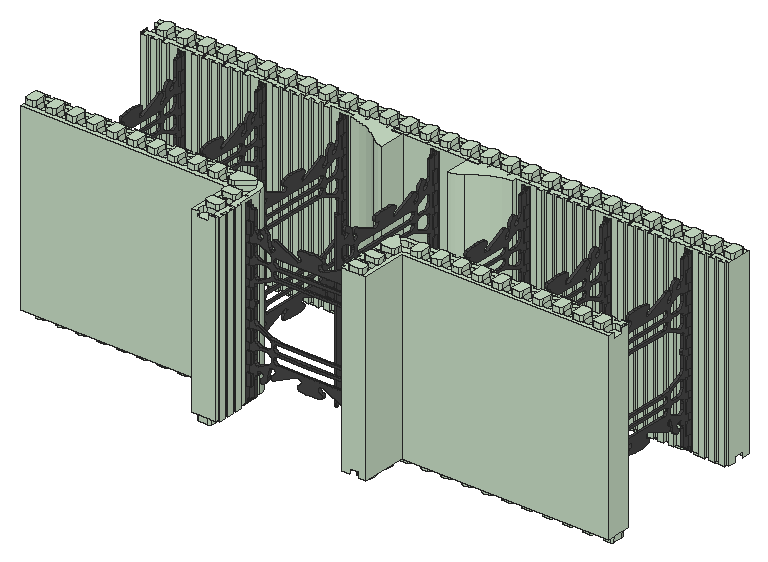
Revit family (continued)
Forms (in)
  Extrusion 95, void
    sketch origin (-11.99998, -0.00002, 0) x (0, -1, 0) y (1, 0, 0)
      loop
        arc (-4.89808, 25.99998) -> (-5.04517, 25.95213) -> (-5.13595, 25.8269) r 0.25
        arc (-5.13595, 25.8269) -> (-5.1875, 25.49998) -> (-5.13595, 25.17306) r 1.0625
    from 0 to 0.5
  Extrusion 96, void
    sketch origin (-9.99998, -0.00002, 0) x (0, -1, 0) y (1, 0, 0)
      loop
        arc (-5.13595, 25.17306) -> (-5.04517, 25.04783) -> (-4.89808, 24.99998) r 0.25
        line (-4.89808, 24.99998) -> (-3.97692, 24.99998)
        arc (-3.97692, 24.99998) -> (-3.82983, 25.04783) -> (-3.73905, 25.17306) r 0.25
        arc (-3.73905, 25.17306) -> (-3.69045, 25.4209) -> (-3.70172, 25.67321) r 1.0625
        arc (-3.70172, 25.67321) -> (-3.68771, 25.72383) -> (-3.64005, 25.7459) r 0.0625
        line (-3.64005, 25.7459) -> (-3.41845, 25.7459) -> (-3.41845, 25.91673) -> (-3.76455, 25.91673)
        arc (-3.76455, 25.91673) -> (-3.78736, 25.92104) -> (-3.80702, 25.93338) r 0.0625
        arc (-3.80702, 25.93338) -> (-3.88568, 25.98274) -> (-3.97692, 25.99998) r 0.25
        line (-3.97692, 25.99998) -> (-4.89808, 25.99998)
        arc (-4.89808, 25.99998) -> (-5.04517, 25.95213) -> (-5.13595, 25.8269) r 0.25
        arc (-5.13595, 25.8269) -> (-5.1875, 25.49998) -> (-5.13595, 25.17306) r 1.0625
    from 0 to 0.5
  Extrusion 97, void
    sketch origin (-7.99998, -0.00002, 0) x (0, -1, 0) y (1, 0, 0)
      loop
        arc (-5.13595, 25.17306) -> (-5.04517, 25.04783) -> (-4.89808, 24.99998) r 0.25
        line (-4.89808, 24.99998) -> (-3.97692, 24.99998)
        arc (-3.97692, 24.99998) -> (-3.82983, 25.04783) -> (-3.73905, 25.17306) r 0.25
        arc (-3.73905, 25.17306) -> (-3.69045, 25.4209) -> (-3.70172, 25.67321) r 1.0625
        arc (-3.70172, 25.67321) -> (-3.68771, 25.72383) -> (-3.64005, 25.7459) r 0.0625
        line (-3.64005, 25.7459) -> (-3.41845, 25.7459) -> (-3.41845, 25.91673) -> (-3.76455, 25.91673)
        arc (-3.76455, 25.91673) -> (-3.78736, 25.92104) -> (-3.80702, 25.93338) r 0.0625
        arc (-3.80702, 25.93338) -> (-3.88568, 25.98274) -> (-3.97692, 25.99998) r 0.25
        line (-3.97692, 25.99998) -> (-4.89808, 25.99998)
        arc (-4.89808, 25.99998) -> (-5.04517, 25.95213) -> (-5.13595, 25.8269) r 0.25
        arc (-5.13595, 25.8269) -> (-5.1875, 25.49998) -> (-5.13595, 25.17306) r 1.0625
    from 0 to 0.5
  Extrusion 98, void
    sketch origin (-5.99998, -0.00002, 0) x (0, -1, 0) y (1, 0, 0)
      loop
        arc (-5.13595, 25.17306) -> (-5.04517, 25.04783) -> (-4.89808, 24.99998) r 0.25
        line (-4.89808, 24.99998) -> (-3.97692, 24.99998)
        arc (-3.97692, 24.99998) -> (-3.82983, 25.04783) -> (-3.73905, 25.17306) r 0.25
        arc (-3.73905, 25.17306) -> (-3.69045, 25.4209) -> (-3.70172, 25.67321) r 1.0625
        arc (-3.70172, 25.67321) -> (-3.68771, 25.72383) -> (-3.64005, 25.7459) r 0.0625
        line (-3.64005, 25.7459) -> (-3.41845, 25.7459) -> (-3.41845, 25.91673) -> (-3.76455, 25.91673)
        arc (-3.76455, 25.91673) -> (-3.78736, 25.92104) -> (-3.80702, 25.93338) r 0.0625
        arc (-3.80702, 25.93338) -> (-3.88568, 25.98274) -> (-3.97692, 25.99998) r 0.25
        line (-3.97692, 25.99998) -> (-4.89808, 25.99998)
        arc (-4.89808, 25.99998) -> (-5.04517, 25.95213) -> (-5.13595, 25.8269) r 0.25
        arc (-5.13595, 25.8269) -> (-5.1875, 25.49998) -> (-5.13595, 25.17306) r 1.0625
    from 0 to 0.5
  Extrusion 99, void
    sketch origin (-3.99998, -0.00002, 0) x (0, -1, 0) y (1, 0, 0)
      loop
        arc (-5.13595, 25.17306) -> (-5.04517, 25.04783) -> (-4.89808, 24.99998) r 0.25
        line (-4.89808, 24.99998) -> (-3.97692, 24.99998)
        arc (-3.97692, 24.99998) -> (-3.82983, 25.04783) -> (-3.73905, 25.17306) r 0.25
        arc (-3.73905, 25.17306) -> (-3.69045, 25.4209) -> (-3.70172, 25.67321) r 1.0625
        arc (-3.70172, 25.67321) -> (-3.68771, 25.72383) -> (-3.64005, 25.7459) r 0.0625
        line (-3.64005, 25.7459) -> (-3.41845, 25.7459) -> (-3.41845, 25.91673) -> (-3.76455, 25.91673)
        arc (-3.76455, 25.91673) -> (-3.78736, 25.92104) -> (-3.80702, 25.93338) r 0.0625
        arc (-3.80702, 25.93338) -> (-3.88568, 25.98274) -> (-3.97692, 25.99998) r 0.25
        line (-3.97692, 25.99998) -> (-4.89808, 25.99998)
        arc (-4.89808, 25.99998) -> (-5.04517, 25.95213) -> (-5.13595, 25.8269) r 0.25
        arc (-5.13595, 25.8269) -> (-5.1875, 25.49998) -> (-5.13595, 25.17306) r 1.0625
    from 0 to 0.5
  Extrusion 100, void
    sketch origin (-1.99998, -0.00002, 0) x (0, -1, 0) y (1, 0, 0)
      loop
        arc (-5.13595, 25.17306) -> (-5.04517, 25.04783) -> (-4.89808, 24.99998) r 0.25
        line (-4.89808, 24.99998) -> (-3.97692, 24.99998)
        arc (-3.97692, 24.99998) -> (-3.82983, 25.04783) -> (-3.73905, 25.17306) r 0.25
        arc (-3.73905, 25.17306) -> (-3.69045, 25.4209) -> (-3.70172, 25.67321) r 1.0625
        arc (-3.70172, 25.67321) -> (-3.68771, 25.72383) -> (-3.64005, 25.7459) r 0.0625
        line (-3.64005, 25.7459) -> (-3.41845, 25.7459) -> (-3.41845, 25.91673) -> (-3.76455, 25.91673)
        arc (-3.76455, 25.91673) -> (-3.78736, 25.92104) -> (-3.80702, 25.93338) r 0.0625
        arc (-3.80702, 25.93338) -> (-3.88568, 25.98274) -> (-3.97692, 25.99998) r 0.25
        line (-3.97692, 25.99998) -> (-4.89808, 25.99998)
        arc (-4.89808, 25.99998) -> (-5.04517, 25.95213) -> (-5.13595, 25.8269) r 0.25
        arc (-5.13595, 25.8269) -> (-5.1875, 25.49998) -> (-5.13595, 25.17306) r 1.0625
    from 0 to 0.5
  Extrusion 101, void
    sketch origin (0.00002, -0.00002, 0) x (0, -1, 0) y (1, 0, 0)
      loop
        arc (-5.13595, 25.17306) -> (-5.04517, 25.04783) -> (-4.89808, 24.99998) r 0.25
        line (-4.89808, 24.99998) -> (-3.97692, 24.99998)
        arc (-3.97692, 24.99998) -> (-3.82983, 25.04783) -> (-3.73905, 25.17306) r 0.25
        arc (-3.73905, 25.17306) -> (-3.69045, 25.4209) -> (-3.70172, 25.67321) r 1.0625
        arc (-3.70172, 25.67321) -> (-3.68771, 25.72383) -> (-3.64005, 25.7459) r 0.0625
        line (-3.64005, 25.7459) -> (-3.41845, 25.7459) -> (-3.41845, 25.91673) -> (-3.76455, 25.91673)
        arc (-3.76455, 25.91673) -> (-3.78736, 25.92104) -> (-3.80702, 25.93338) r 0.0625
        arc (-3.80702, 25.93338) -> (-3.88568, 25.98274) -> (-3.97692, 25.99998) r 0.25
        line (-3.97692, 25.99998) -> (-4.89808, 25.99998)
        arc (-4.89808, 25.99998) -> (-5.04517, 25.95213) -> (-5.13595, 25.8269) r 0.25
        arc (-5.13595, 25.8269) -> (-5.1875, 25.49998) -> (-5.13595, 25.17306) r 1.0625
    from 0 to 0.5
  Extrusion 102, void
    sketch origin (-49.99998, -0.00002, 0) x (0, -1, 0) y (1, 0, 0)
      loop
        arc (-5.13595, 25.17306) -> (-5.04517, 25.04783) -> (-4.89808, 24.99998) r 0.25
        line (-4.89808, 24.99998) -> (-3.97692, 24.99998)
        arc (-3.97692, 24.99998) -> (-3.82983, 25.04783) -> (-3.73905, 25.17306) r 0.25
        arc (-3.73905, 25.17306) -> (-3.69045, 25.4209) -> (-3.70172, 25.67321) r 1.0625
        arc (-3.70172, 25.67321) -> (-3.68771, 25.72383) -> (-3.64005, 25.7459) r 0.0625
        line (-3.64005, 25.7459) -> (-3.41845, 25.7459) -> (-3.41845, 25.91673) -> (-3.76455, 25.91673)
        arc (-3.76455, 25.91673) -> (-3.78736, 25.92104) -> (-3.80702, 25.93338) r 0.0625
        arc (-3.80702, 25.93338) -> (-3.88568, 25.98274) -> (-3.97692, 25.99998) r 0.25
        line (-3.97692, 25.99998) -> (-4.89808, 25.99998)
        arc (-4.89808, 25.99998) -> (-5.04517, 25.95213) -> (-5.13595, 25.8269) r 0.25
        arc (-5.13595, 25.8269) -> (-5.1875, 25.49998) -> (-5.13595, 25.17306) r 1.0625
    from 0 to 0.5
  Extrusion 103, void
    sketch origin (-47.99998, -0.00002, 0) x (0, -1, 0) y (1, 0, 0)
      loop
        arc (-5.13595, 25.17306) -> (-5.04517, 25.04783) -> (-4.89808, 24.99998) r 0.25
        line (-4.89808, 24.99998) -> (-3.97692, 24.99998)
        arc (-3.97692, 24.99998) -> (-3.82983, 25.04783) -> (-3.73905, 25.17306) r 0.25
        arc (-3.73905, 25.17306) -> (-3.69045, 25.4209) -> (-3.70172, 25.67321) r 1.0625
        arc (-3.70172, 25.67321) -> (-3.68771, 25.72383) -> (-3.64005, 25.7459) r 0.0625
        line (-3.64005, 25.7459) -> (-3.41845, 25.7459) -> (-3.41845, 25.91673) -> (-3.76455, 25.91673)
        arc (-3.76455, 25.91673) -> (-3.78736, 25.92104) -> (-3.80702, 25.93338) r 0.0625
        arc (-3.80702, 25.93338) -> (-3.88568, 25.98274) -> (-3.97692, 25.99998) r 0.25
        line (-3.97692, 25.99998) -> (-4.89808, 25.99998)
        arc (-4.89808, 25.99998) -> (-5.04517, 25.95213) -> (-5.13595, 25.8269) r 0.25
        arc (-5.13595, 25.8269) -> (-5.1875, 25.49998) -> (-5.13595, 25.17306) r 1.0625
    from 0 to 0.5
  Extrusion 104, void
    sketch origin (-45.99998, -0.00002, 0) x (0, -1, 0) y (1, 0, 0)
      loop
        arc (-5.13595, 25.17306) -> (-5.04517, 25.04783) -> (-4.89808, 24.99998) r 0.25
        line (-4.89808, 24.99998) -> (-3.97692, 24.99998)
        arc (-3.97692, 24.99998) -> (-3.82983, 25.04783) -> (-3.73905, 25.17306) r 0.25
        arc (-3.73905, 25.17306) -> (-3.69045, 25.4209) -> (-3.70172, 25.67321) r 1.0625
        arc (-3.70172, 25.67321) -> (-3.68771, 25.72383) -> (-3.64005, 25.7459) r 0.0625
        line (-3.64005, 25.7459) -> (-3.41845, 25.7459) -> (-3.41845, 25.91673) -> (-3.76455, 25.91673)
        arc (-3.76455, 25.91673) -> (-3.78736, 25.92104) -> (-3.80702, 25.93338) r 0.0625
        arc (-3.80702, 25.93338) -> (-3.88568, 25.98274) -> (-3.97692, 25.99998) r 0.25
        line (-3.97692, 25.99998) -> (-4.89808, 25.99998)
        arc (-4.89808, 25.99998) -> (-5.04517, 25.95213) -> (-5.13595, 25.8269) r 0.25
        arc (-5.13595, 25.8269) -> (-5.1875, 25.49998) -> (-5.13595, 25.17306) r 1.0625
    from 0 to 0.5
  Extrusion 105, void
    sketch origin (-43.99998, -0.00002, 0) x (0, -1, 0) y (1, 0, 0)
      loop
        arc (-5.13595, 25.17306) -> (-5.04517, 25.04783) -> (-4.89808, 24.99998) r 0.25
        line (-4.89808, 24.99998) -> (-3.97692, 24.99998)
        arc (-3.97692, 24.99998) -> (-3.82983, 25.04783) -> (-3.73905, 25.17306) r 0.25
        arc (-3.73905, 25.17306) -> (-3.69045, 25.4209) -> (-3.70172, 25.67321) r 1.0625
        arc (-3.70172, 25.67321) -> (-3.68771, 25.72383) -> (-3.64005, 25.7459) r 0.0625
        line (-3.64005, 25.7459) -> (-3.41845, 25.7459) -> (-3.41845, 25.91673) -> (-3.76455, 25.91673)
        arc (-3.76455, 25.91673) -> (-3.78736, 25.92104) -> (-3.80702, 25.93338) r 0.0625
        arc (-3.80702, 25.93338) -> (-3.88568, 25.98274) -> (-3.97692, 25.99998) r 0.25
        line (-3.97692, 25.99998) -> (-4.89808, 25.99998)
        arc (-4.89808, 25.99998) -> (-5.04517, 25.95213) -> (-5.13595, 25.8269) r 0.25
        arc (-5.13595, 25.8269) -> (-5.1875, 25.49998) -> (-5.13595, 25.17306) r 1.0625
    from 0 to 0.5
  Extrusion 106, void
    sketch origin (-41.99998, -0.00002, 0) x (0, -1, 0) y (1, 0, 0)
      loop
        arc (-5.13595, 25.17306) -> (-5.04517, 25.04783) -> (-4.89808, 24.99998) r 0.25
        line (-4.89808, 24.99998) -> (-3.97692, 24.99998)
        arc (-3.97692, 24.99998) -> (-3.82983, 25.04783) -> (-3.73905, 25.17306) r 0.25
        arc (-3.73905, 25.17306) -> (-3.69045, 25.4209) -> (-3.70172, 25.67321) r 1.0625
        arc (-3.70172, 25.67321) -> (-3.68771, 25.72383) -> (-3.64005, 25.7459) r 0.0625
        line (-3.64005, 25.7459) -> (-3.41845, 25.7459) -> (-3.41845, 25.91673) -> (-3.76455, 25.91673)
        arc (-3.76455, 25.91673) -> (-3.78736, 25.92104) -> (-3.80702, 25.93338) r 0.0625
        arc (-3.80702, 25.93338) -> (-3.88568, 25.98274) -> (-3.97692, 25.99998) r 0.25
        line (-3.97692, 25.99998) -> (-4.89808, 25.99998)
        arc (-4.89808, 25.99998) -> (-5.04517, 25.95213) -> (-5.13595, 25.8269) r 0.25
        arc (-5.13595, 25.8269) -> (-5.1875, 25.49998) -> (-5.13595, 25.17306) r 1.0625
    from 0 to 0.5
  Extrusion 107, void
    sketch origin (-39.99998, -0.00002, 0) x (0, -1, 0) y (1, 0, 0)
      loop
        arc (-5.13595, 25.17306) -> (-5.04517, 25.04783) -> (-4.89808, 24.99998) r 0.25
        line (-4.89808, 24.99998) -> (-3.97692, 24.99998)
        arc (-3.97692, 24.99998) -> (-3.82983, 25.04783) -> (-3.73905, 25.17306) r 0.25
        arc (-3.73905, 25.17306) -> (-3.69045, 25.4209) -> (-3.70172, 25.67321) r 1.0625
        arc (-3.70172, 25.67321) -> (-3.68771, 25.72383) -> (-3.64005, 25.7459) r 0.0625
        line (-3.64005, 25.7459) -> (-3.41845, 25.7459) -> (-3.41845, 25.91673) -> (-3.76455, 25.91673)
        arc (-3.76455, 25.91673) -> (-3.78736, 25.92104) -> (-3.80702, 25.93338) r 0.0625
        arc (-3.80702, 25.93338) -> (-3.88568, 25.98274) -> (-3.97692, 25.99998) r 0.25
        line (-3.97692, 25.99998) -> (-4.89808, 25.99998)
        arc (-4.89808, 25.99998) -> (-5.04517, 25.95213) -> (-5.13595, 25.8269) r 0.25
        arc (-5.13595, 25.8269) -> (-5.1875, 25.49998) -> (-5.13595, 25.17306) r 1.0625
    from 0 to 0.5
  Extrusion 108, void
    sketch origin (-37.99998, -0.00002, 0) x (0, -1, 0) y (1, 0, 0)
      loop
        arc (-5.13595, 25.17306) -> (-5.04517, 25.04783) -> (-4.89808, 24.99998) r 0.25
        line (-4.89808, 24.99998) -> (-3.97692, 24.99998)
        arc (-3.97692, 24.99998) -> (-3.82983, 25.04783) -> (-3.73905, 25.17306) r 0.25
        arc (-3.73905, 25.17306) -> (-3.69045, 25.4209) -> (-3.70172, 25.67321) r 1.0625
        arc (-3.70172, 25.67321) -> (-3.68771, 25.72383) -> (-3.64005, 25.7459) r 0.0625
        line (-3.64005, 25.7459) -> (-3.41845, 25.7459) -> (-3.41845, 25.91673) -> (-3.76455, 25.91673)
        arc (-3.76455, 25.91673) -> (-3.78736, 25.92104) -> (-3.80702, 25.93338) r 0.0625
        arc (-3.80702, 25.93338) -> (-3.88568, 25.98274) -> (-3.97692, 25.99998) r 0.25
        line (-3.97692, 25.99998) -> (-4.89808, 25.99998)
        arc (-4.89808, 25.99998) -> (-5.04517, 25.95213) -> (-5.13595, 25.8269) r 0.25
        arc (-5.13595, 25.8269) -> (-5.1875, 25.49998) -> (-5.13595, 25.17306) r 1.0625
    from 0 to 0.5
  Extrusion 109, void
    sketch origin (-35.99998, -0.00002, 0) x (0, -1, 0) y (1, 0, 0)
      loop
        arc (-5.13595, 25.17306) -> (-5.04517, 25.04783) -> (-4.89808, 24.99998) r 0.25
        line (-4.89808, 24.99998) -> (-3.97692, 24.99998)
        arc (-3.97692, 24.99998) -> (-3.82983, 25.04783) -> (-3.73905, 25.17306) r 0.25
        arc (-3.73905, 25.17306) -> (-3.69045, 25.4209) -> (-3.70172, 25.67321) r 1.0625
        arc (-3.70172, 25.67321) -> (-3.68771, 25.72383) -> (-3.64005, 25.7459) r 0.0625
        line (-3.64005, 25.7459) -> (-3.41845, 25.7459) -> (-3.41845, 25.91673) -> (-3.76455, 25.91673)
        arc (-3.76455, 25.91673) -> (-3.78736, 25.92104) -> (-3.80702, 25.93338) r 0.0625
        arc (-3.80702, 25.93338) -> (-3.88568, 25.98274) -> (-3.97692, 25.99998) r 0.25
        line (-3.97692, 25.99998) -> (-4.89808, 25.99998)
        arc (-4.89808, 25.99998) -> (-5.04517, 25.95213) -> (-5.13595, 25.8269) r 0.25
        arc (-5.13595, 25.8269) -> (-5.1875, 25.49998) -> (-5.13595, 25.17306) r 1.0625
    from 0 to 0.5
  Extrusion 110, void
    sketch origin (51.99998, -0.00002, 0) x (0, -1, 0) y (1, 0, 0)
      loop
        arc (-5.13595, -25.17306) -> (-5.1875, -25.49998) -> (-5.13595, -25.8269) r 1.0625
        arc (-5.13595, -25.8269) -> (-5.04517, -25.95213) -> (-4.89808, -25.99998) r 0.25
        line (-4.89808, -25.99998) -> (-3.97692, -25.99998)
        arc (-3.97692, -25.99998) -> (-3.88568, -25.98274) -> (-3.80702, -25.93338) r 0.25
        arc (-3.80702, -25.93338) -> (-3.78736, -25.92104) -> (-3.76455, -25.91673) r 0.0625
        line (-3.76455, -25.91673) -> (-3.41845, -25.91673) -> (-3.41845, -25.7459) -> (-3.64005, -25.7459)
        arc (-3.64005, -25.7459) -> (-3.68771, -25.72383) -> (-3.70172, -25.67321) r 0.0625
        arc (-3.70172, -25.67321) -> (-3.69045, -25.4209) -> (-3.73905, -25.17306) r 1.0625
        arc (-3.73905, -25.17306) -> (-3.82983, -25.04783) -> (-3.97692, -24.99998) r 0.25
        line (-3.97692, -24.99998) -> (-4.89808, -24.99998)
        arc (-4.89808, -24.99998) -> (-5.04517, -25.04783) -> (-5.13595, -25.17306) r 0.25
    from 18 to 17.5
  Extrusion 111, void
    sketch origin (2.00002, -0.00002, 0) x (0, -1, 0) y (1, 0, 0)
      loop
        arc (-5.13595, 25.17306) -> (-5.04517, 25.04783) -> (-4.89808, 24.99998) r 0.25
        line (-4.89808, 24.99998) -> (-3.97692, 24.99998)
        arc (-3.97692, 24.99998) -> (-3.82983, 25.04783) -> (-3.73905, 25.17306) r 0.25
        arc (-3.73905, 25.17306) -> (-3.69045, 25.4209) -> (-3.70172, 25.67321) r 1.0625
        arc (-3.70172, 25.67321) -> (-3.68771, 25.72383) -> (-3.64005, 25.7459) r 0.0625
        line (-3.64005, 25.7459) -> (-3.41845, 25.7459) -> (-3.41845, 25.91673) -> (-3.76455, 25.91673)
        arc (-3.76455, 25.91673) -> (-3.78736, 25.92104) -> (-3.80702, 25.93338) r 0.0625
        arc (-3.80702, 25.93338) -> (-3.88568, 25.98274) -> (-3.97692, 25.99998) r 0.25
        line (-3.97692, 25.99998) -> (-4.89808, 25.99998)
        arc (-4.89808, 25.99998) -> (-5.04517, 25.95213) -> (-5.13595, 25.8269) r 0.25
        arc (-5.13595, 25.8269) -> (-5.1875, 25.49998) -> (-5.13595, 25.17306) r 1.0625
    from 0 to 0.5
  Extrusion 112, solid, material "NUDURA Expanded Polystyrene Foam Insulation"
    sketch origin (0, 0, 0) x (1, 0, 0) y (0, 1, 0)
      loop
        line (7.25, 5.62754) -> (-1.25, 5.62754) -> (-1.25, 5.17633) -> (-1, 5.24332) -> (-1, 4.63633) -> (-1.25, 4.69867) -> (-1.25, 4.17633) -> (-1, 4.24332) -> (-1, 3.63633) -> (-1.25, 3.69867) -> (-1.25, 3.25) -> (7.25, 3.25) -> (7.25, 3.69867) -> (7, 3.63633) -> (7, 4.24332) -> (7.25, 4.17633) -> (7.25, 4.69867) -> (7, 4.63633) -> (7, 5.24332) -> (7.25, 5.17633) -> (7.25, 5.62754)
    from 0 to 18
  Extrusion 113, void
    sketch origin (53.99998, -0.00002, 0) x (0, -1, 0) y (1, 0, 0)
      loop
        arc (-5.13595, -25.17306) -> (-5.1875, -25.49998) -> (-5.13595, -25.8269) r 1.0625
        arc (-5.13595, -25.8269) -> (-5.04517, -25.95213) -> (-4.89808, -25.99998) r 0.25
        line (-4.89808, -25.99998) -> (-3.97692, -25.99998)
        arc (-3.97692, -25.99998) -> (-3.88568, -25.98274) -> (-3.80702, -25.93338) r 0.25
        arc (-3.80702, -25.93338) -> (-3.78736, -25.92104) -> (-3.76455, -25.91673) r 0.0625
        line (-3.76455, -25.91673) -> (-3.41845, -25.91673) -> (-3.41845, -25.7459) -> (-3.64005, -25.7459)
        arc (-3.64005, -25.7459) -> (-3.68771, -25.72383) -> (-3.70172, -25.67321) r 0.0625
        arc (-3.70172, -25.67321) -> (-3.69045, -25.4209) -> (-3.73905, -25.17306) r 1.0625
        arc (-3.73905, -25.17306) -> (-3.82983, -25.04783) -> (-3.97692, -24.99998) r 0.25
        line (-3.97692, -24.99998) -> (-4.89808, -24.99998)
        arc (-4.89808, -24.99998) -> (-5.04517, -25.04783) -> (-5.13595, -25.17306) r 0.25
    from 18 to 17.5
  Extrusion 114, void
    sketch origin (4.00002, -0.00002, 0) x (0, -1, 0) y (1, 0, 0)
      loop
        arc (-5.13595, 25.17306) -> (-5.04517, 25.04783) -> (-4.89808, 24.99998) r 0.25
        line (-4.89808, 24.99998) -> (-3.97692, 24.99998)
        arc (-3.97692, 24.99998) -> (-3.82983, 25.04783) -> (-3.73905, 25.17306) r 0.25
        arc (-3.73905, 25.17306) -> (-3.69045, 25.4209) -> (-3.70172, 25.67321) r 1.0625
        arc (-3.70172, 25.67321) -> (-3.68771, 25.72383) -> (-3.64005, 25.7459) r 0.0625
        line (-3.64005, 25.7459) -> (-3.41845, 25.7459) -> (-3.41845, 25.91673) -> (-3.76455, 25.91673)
        arc (-3.76455, 25.91673) -> (-3.78736, 25.92104) -> (-3.80702, 25.93338) r 0.0625
        arc (-3.80702, 25.93338) -> (-3.88568, 25.98274) -> (-3.97692, 25.99998) r 0.25
        line (-3.97692, 25.99998) -> (-4.89808, 25.99998)
        arc (-4.89808, 25.99998) -> (-5.04517, 25.95213) -> (-5.13595, 25.8269) r 0.25
        arc (-5.13595, 25.8269) -> (-5.1875, 25.49998) -> (-5.13595, 25.17306) r 1.0625
    from 0 to 0.5
  Extrusion 115, void
    sketch origin (55.99998, -0.00002, 0) x (0, -1, 0) y (1, 0, 0)
      loop
        arc (-5.13595, -25.17306) -> (-5.1875, -25.49998) -> (-5.13595, -25.8269) r 1.0625
        arc (-5.13595, -25.8269) -> (-5.04517, -25.95213) -> (-4.89808, -25.99998) r 0.25
        line (-4.89808, -25.99998) -> (-3.97692, -25.99998)
        arc (-3.97692, -25.99998) -> (-3.88568, -25.98274) -> (-3.80702, -25.93338) r 0.25
        arc (-3.80702, -25.93338) -> (-3.78736, -25.92104) -> (-3.76455, -25.91673) r 0.0625
        line (-3.76455, -25.91673) -> (-3.41845, -25.91673) -> (-3.41845, -25.7459) -> (-3.64005, -25.7459)
        arc (-3.64005, -25.7459) -> (-3.68771, -25.72383) -> (-3.70172, -25.67321) r 0.0625
        arc (-3.70172, -25.67321) -> (-3.69045, -25.4209) -> (-3.73905, -25.17306) r 1.0625
        arc (-3.73905, -25.17306) -> (-3.82983, -25.04783) -> (-3.97692, -24.99998) r 0.25
        line (-3.97692, -24.99998) -> (-4.89808, -24.99998)
        arc (-4.89808, -24.99998) -> (-5.04517, -25.04783) -> (-5.13595, -25.17306) r 0.25
    from 18 to 17.5
  Extrusion 116, void
    sketch origin (6.00002, -0.00002, 0) x (0, -1, 0) y (1, 0, 0)
      loop
        arc (-5.13595, 25.17306) -> (-5.04517, 25.04783) -> (-4.89808, 24.99998) r 0.25
        line (-4.89808, 24.99998) -> (-3.97692, 24.99998)
        arc (-3.97692, 24.99998) -> (-3.82983, 25.04783) -> (-3.73905, 25.17306) r 0.25
        arc (-3.73905, 25.17306) -> (-3.69045, 25.4209) -> (-3.70172, 25.67321) r 1.0625
        arc (-3.70172, 25.67321) -> (-3.68771, 25.72383) -> (-3.64005, 25.7459) r 0.0625
        line (-3.64005, 25.7459) -> (-3.41845, 25.7459) -> (-3.41845, 25.91673) -> (-3.76455, 25.91673)
        arc (-3.76455, 25.91673) -> (-3.78736, 25.92104) -> (-3.80702, 25.93338) r 0.0625
        arc (-3.80702, 25.93338) -> (-3.88568, 25.98274) -> (-3.97692, 25.99998) r 0.25
        line (-3.97692, 25.99998) -> (-4.89808, 25.99998)
        arc (-4.89808, 25.99998) -> (-5.04517, 25.95213) -> (-5.13595, 25.8269) r 0.25
        arc (-5.13595, 25.8269) -> (-5.1875, 25.49998) -> (-5.13595, 25.17306) r 1.0625
    from 0 to 0.5
Cuts and joins
  Extrusion 2, Extrusion 3, Extrusion 4, Extrusion 5, Extrusion 6, Extrusion 7, Extrusion 8, Extrusion 9, Extrusion 10, Extrusion 11, Extrusion 12, Extrusion 13, Extrusion 14, Extrusion 15, Extrusion 16, Extrusion 17, Extrusion 18, Extrusion 19, Extrusion 20, Extrusion 21, Extrusion 22, Extrusion 23, Extrusion 24, Extrusion 25, Extrusion 26, Extrusion 27, Extrusion 28, Extrusion 29, Extrusion 30, Extrusion 31, Extrusion 32, Extrusion 33, Extrusion 34, Extrusion 35, Extrusion 36, Extrusion 37, Extrusion 38, Extrusion 39, Extrusion 40, Extrusion 41, Extrusion 46, Extrusion 47, Extrusion 48, Extrusion 49, Extrusion 50, Extrusion 51, Extrusion 52, Extrusion 53, Extrusion 54, Extrusion 55, Extrusion 56, Extrusion 57, Extrusion 58, Extrusion 59, Extrusion 60, Extrusion 61, Extrusion 62, Extrusion 63, Extrusion 64, Extrusion 65, Extrusion 66, Extrusion 67, Extrusion 68, Extrusion 69, Extrusion 70, Extrusion 71, Extrusion 72, Extrusion 73, Extrusion 74, Extrusion 75, Extrusion 76, Extrusion 77, Extrusion 78, Extrusion 79, Extrusion 80, Extrusion 81, Extrusion 82, Extrusion 83, Extrusion 84, Extrusion 85, Extrusion 86, Extrusion 87, Extrusion 88, Extrusion 89, Extrusion 90, Extrusion 91, Extrusion 92, Extrusion 93, Extrusion 94, Extrusion 95, Extrusion 96, Extrusion 97, Extrusion 98, Extrusion 99, Extrusion 100, Extrusion 101, Extrusion 102, Extrusion 103, Extrusion 104, Extrusion 105, Extrusion 106, Extrusion 107, Extrusion 108, Extrusion 109, Extrusion 110, Extrusion 111, Extrusion 113, Extrusion 114, Extrusion 115, Extrusion 116 cuts Extrusion 1
  Extrusion 54 cuts Extrusion 43
  Extrusion 86 cuts Extrusion 45
  Extrusion 26, Extrusion 27, Extrusion 28, Extrusion 29, Extrusion 30, Extrusion 36, Extrusion 37, Extrusion 38, Extrusion 39, Extrusion 40 cuts Extrusion 112
Lines and regions (in)
  model lines
    curve 1: line (-2, 5.62754, 0) -> (-2, 5.62754, 18)
Dimensions and locks (in)
  locked: plane 8 to level at 18  (x2)
  locked: plane 5 to plane 4 at 12
  locked: plane 7 to plane 6 at 12
  aligned and locked: plane 8 to Extrusion 1
  aligned and locked: Extrusion 1 to level
  aligned and locked: Extrusion 1 to plane 8
  aligned and locked: plane 2 to level
  aligned: cut or joined group 1 (Extrusion 1, Extrusion 2, Extrusion 3, Extrusion 4, Extrusion 5, Extrusion 6, Extrusion 7, Extrusion 8, Extrusion 9, Extrusion 10, Extrusion 11, Extrusion 12, Extrusion 13, Extrusion 14, Extrusion 15, Extrusion 16, Extrusion 17, Extrusion 18, Extrusion 19, Extrusion 20, Extrusion 21, Extrusion 22, Extrusion 23, Extrusion 24, Extrusion 25, Extrusion 26, Extrusion 27, Extrusion 28, Extrusion 29, Extrusion 30, Extrusion 31, Extrusion 32, Extrusion 33, Extrusion 34, Extrusion 35, Extrusion 36, Extrusion 37, Extrusion 38, Extrusion 39, Extrusion 40, Extrusion 41, Extrusion 46, Extrusion 47, Extrusion 48, Extrusion 49, Extrusion 50, Extrusion 51, Extrusion 52, Extrusion 53, Extrusion 54, Extrusion 55, Extrusion 56, Extrusion 57, Extrusion 58, Extrusion 59, Extrusion 60, Extrusion 61, Extrusion 62, Extrusion 63, Extrusion 64, Extrusion 65, Extrusion 66, Extrusion 67, Extrusion 68, Extrusion 69, Extrusion 70, Extrusion 71, Extrusion 72, Extrusion 73, Extrusion 74, Extrusion 75, Extrusion 76, Extrusion 77, Extrusion 78, Extrusion 79, Extrusion 80, Extrusion 81, Extrusion 82, Extrusion 83, Extrusion 84, Extrusion 85, Extrusion 86, Extrusion 87, Extrusion 88, Extrusion 89, Extrusion 90, Extrusion 91, Extrusion 92, Extrusion 93, Extrusion 94, Extrusion 95, Extrusion 96, Extrusion 97, Extrusion 98, Extrusion 99, Extrusion 100, Extrusion 101, Extrusion 102, Extrusion 103, Extrusion 104, Extrusion 105, Extrusion 106, Extrusion 107, Extrusion 108, Extrusion 109, Extrusion 110, Extrusion 111, Extrusion 113, Extrusion 114, Extrusion 115, Extrusion 116) to nested 37
  aligned: nested 39 to cut or joined group 1
  aligned: nested 40 to cut or joined group 1
  aligned: cut or joined group 1 to nested 41
  aligned and locked: cut or joined group 1 to nested 106
  aligned and locked: cut or joined group 1 to nested 107
  aligned and locked: nested 40 to nested 41
  aligned and locked: nested 108 to nested 40
  aligned and locked: cut or joined group 1 to nested 109
  aligned and locked: nested 111 to cut or joined group 1
  aligned: cut or joined group 1 to nested 110
  aligned: nested 112 to cut or joined group 1  (x2)
  aligned: nested 113 to cut or joined group 1
  aligned: nested 114 to cut or joined group 1
  aligned and locked: nested 113 to nested 110
  aligned and locked: nested 119 to cut or joined group of Extrusion 26, Extrusion 27, Extrusion 28, Extrusion 29, Extrusion 30, Extrusion 36, Extrusion 37, Extrusion 38, Extrusion 39, Extrusion 40, Extrusion 112
Nested families (in)
  nested 1: "Interlock Tooth" at (6, -15.99998, 0) x (0, 1, 0) z (0, 0, 1), type "Interlock Tooth"
  nested 2: "Interlock Tooth" at (6, -13.99998, 0) x (0, 1, 0) z (0, 0, 1), type "Interlock Tooth"
  nested 3: "Interlock Tooth" at (0, -14.99998, 0) x (0, 1, 0) z (0, 0, 1), type "Interlock Tooth"
  nested 4: "Interlock Tooth" at (0, -12.99998, 0) x (0, 1, 0) z (0, 0, 1), type "Interlock Tooth"
  nested 5: "Interlock Tooth" at (-10, -5.99998, 0), type "Interlock Tooth"
  nested 6: "Interlock Tooth" at (-8, -5.99998, 0), type "Interlock Tooth"
  nested 7: "Interlock Tooth" at (12, -5.99998, 0), type "Interlock Tooth"
  nested 8: "Interlock Tooth" at (14, -5.99998, 0), type "Interlock Tooth"
  nested 9: "Interlock Tooth" at (-9, -5.99998, -18.5), type "Interlock Tooth"
  nested 10: "Interlock Tooth" at (-7, -5.99998, -18.5), type "Interlock Tooth"
  nested 11: "Interlock Tooth" at (15, -5.99998, -18.5), type "Interlock Tooth"
  nested 12: "Interlock Tooth" at (13, -5.99998, -18.5), type "Interlock Tooth"
  nested 13: "Interlock Tooth" at (0, -14.99998, -18.5) x (0, -1, 0) z (0, 0, 1), type "Interlock Tooth"
  nested 14: "Interlock Tooth" at (0, -12.99998, -18.5) x (0, -1, 0) z (0, 0, 1), type "Interlock Tooth"
  nested 15: "Interlock Tooth" at (6, -14.99998, -18.5) x (0, 1, 0) z (0, 0, 1), type "Interlock Tooth"
  nested 16: "Interlock Tooth" at (6, -12.99998, -18.5) x (0, 1, 0) z (0, 0, 1), type "Interlock Tooth"
  nested 17: "Interlock Tooth" at (-8, -0.00002, 0) x (-1, 0, 0) z (0, 0, 1), type "Interlock Tooth"
  nested 18: "Interlock Tooth" at (-9, -0.00002, -18.5) x (-1, 0, 0) z (0, 0, 1), type "Interlock Tooth"
  nested 19: "Interlock Tooth" at (-6, -0.00002, 0) x (-1, 0, 0) z (0, 0, 1), type "Interlock Tooth"
  nested 20: "Interlock Tooth" at (-7, -0.00002, -18.5) x (-1, 0, 0) z (0, 0, 1), type "Interlock Tooth"
  nested 21: "Interlock Tooth" at (-4, -0.00002, 0) x (-1, 0, 0) z (0, 0, 1), type "Interlock Tooth"
  nested 22: "Interlock Tooth" at (-5, -0.00002, -18.5) x (-1, 0, 0) z (0, 0, 1), type "Interlock Tooth"
  nested 23: "Interlock Tooth" at (-2, -0.00002, 0) x (-1, 0, 0) z (0, 0, 1), type "Interlock Tooth"
  nested 24: "Interlock Tooth" at (-3, -0.00002, -18.5) x (-1, 0, 0) z (0, 0, 1), type "Interlock Tooth"
  nested 25: "Interlock Tooth" at (0, -0.00002, 0) x (-1, 0, 0) z (0, 0, 1), type "Interlock Tooth"
  nested 26: "Interlock Tooth" at (-1, -0.00002, -18.5) x (-1, 0, 0) z (0, 0, 1), type "Interlock Tooth"
  nested 27: "Interlock Tooth" at (2, -0.00002, 0) x (-1, 0, 0) z (0, 0, 1), type "Interlock Tooth"
  nested 28: "Interlock Tooth" at (1, -0.00002, -18.5) x (-1, 0, 0) z (0, 0, 1), type "Interlock Tooth"
  nested 29: "Interlock Tooth" at (4, -0.00002, 0) x (-1, 0, 0) z (0, 0, 1), type "Interlock Tooth"
  nested 30: "Interlock Tooth" at (3, -0.00002, -18.5) x (-1, 0, 0) z (0, 0, 1), type "Interlock Tooth"
  nested 31: "Interlock Tooth" at (6, -0.00002, 0) x (-1, 0, 0) z (0, 0, 1), type "Interlock Tooth"
  nested 32: "Interlock Tooth" at (5, -0.00002, -18.5) x (-1, 0, 0) z (0, 0, 1), type "Interlock Tooth"
  nested 33: "Interlock Tooth" at (8, -0.00002, 0) x (-1, 0, 0) z (0, 0, 1), type "Interlock Tooth"
  nested 34: "Interlock Tooth" at (7, -0.00002, -18.5) x (-1, 0, 0) z (0, 0, 1), type "Interlock Tooth"
  nested 35: "Interlock Tooth" at (10, -0.00002, 0) x (-1, 0, 0) z (0, 0, 1), type "Interlock Tooth"
  nested 36: "Interlock Tooth" at (9, -0.00002, -18.5) x (-1, 0, 0) z (0, 0, 1), type "Interlock Tooth"
  nested 37: "NUDURA Diamond Pattern Missing Two Lines" at (-11.25, -15.99998, 0) x (0, 1, 0) z (0, 0, 1), type "NUDURA Diamond Pattern minus Two lines"
  nested 38: "NUDURA Diamond Pattern Missing Two Lines" at (-10, -6, 0), type "NUDURA Diamond Pattern minus Two lines"
  nested 39: "NUDURA Diamond Pattern Missing Two Lines" at (6, -15.99998, 0) x (0, 1, 0) z (0, 0, 1), type "NUDURA Diamond Pattern minus Two lines"
  nested 40: "NUDURA Logo Diamond" at (23.99744, 5.62754, 0) x (-1, 0, 0) z (0, 0, 1), type "NUDURA Logo Diamond"
  nested 41: "NUDURA Logo Diamond" at (5.99744, 5.62754, 0) x (-1, 0, 0) z (0, 0, 1), type "NUDURA Logo Diamond"
  nested 42: "Interlock Tooth" at (-16, -0.00002, 0) x (-1, 0, 0) z (0, 0, 1), type "Interlock Tooth"
  nested 43: "Interlock Tooth" at (-14, -0.00002, 0) x (-1, 0, 0) z (0, 0, 1), type "Interlock Tooth"
  nested 44: "Interlock Tooth" at (-12, -0.00002, 0) x (-1, 0, 0) z (0, 0, 1), type "Interlock Tooth"
  nested 45: "Interlock Tooth" at (-10, -0.00002, 0) x (-1, 0, 0) z (0, 0, 1), type "Interlock Tooth"
  nested 46: "Interlock Tooth" at (-18, -0.00002, 0) x (-1, 0, 0) z (0, 0, 1), type "Interlock Tooth"
  nested 47: "Interlock Tooth" at (-24, -0.00002, 0) x (-1, 0, 0) z (0, 0, 1), type "Interlock Tooth"
  nested 48: "Interlock Tooth" at (-22, -0.00002, 0) x (-1, 0, 0) z (0, 0, 1), type "Interlock Tooth"
  nested 49: "Interlock Tooth" at (-20, -0.00002, 0) x (-1, 0, 0) z (0, 0, 1), type "Interlock Tooth"
  nested 50: "Interlock Tooth" at (-14, -5.99998, 0), type "Interlock Tooth"
  nested 51: "Interlock Tooth" at (-12, -5.99998, 0), type "Interlock Tooth"
  nested 52: "Interlock Tooth" at (-18, -5.99998, 0), type "Interlock Tooth"
  nested 53: "Interlock Tooth" at (-16, -5.99998, 0), type "Interlock Tooth"
  nested 54: "Interlock Tooth" at (-22, -5.99998, 0), type "Interlock Tooth"
  nested 55: "Interlock Tooth" at (-20, -5.99998, 0), type "Interlock Tooth"
  nested 56: "Interlock Tooth" at (-26, -5.99998, 0), type "Interlock Tooth"
  nested 57: "Interlock Tooth" at (-24, -5.99998, 0), type "Interlock Tooth"
  nested 58: "Interlock Tooth" at (16, -5.99998, 0), type "Interlock Tooth"
  nested 59: "Interlock Tooth" at (18, -5.99998, 0), type "Interlock Tooth"
  nested 60: "Interlock Tooth" at (20, -5.99998, 0), type "Interlock Tooth"
  nested 61: "Interlock Tooth" at (22, -5.99998, 0), type "Interlock Tooth"
  nested 62: "Interlock Tooth" at (24, -5.99998, 0), type "Interlock Tooth"
  nested 63: "Interlock Tooth" at (26, -5.99998, 0), type "Interlock Tooth"
  nested 64: "Interlock Tooth" at (28, -5.99998, 0), type "Interlock Tooth"
  nested 65: "Interlock Tooth" at (30, -5.99998, 0), type "Interlock Tooth"
  nested 66: "Interlock Tooth" at (14, -0.00002, 0) x (-1, 0, 0) z (0, 0, 1), type "Interlock Tooth"
  nested 67: "Interlock Tooth" at (16, -0.00002, 0) x (-1, 0, 0) z (0, 0, 1), type "Interlock Tooth"
  nested 68: "Interlock Tooth" at (18, -0.00002, 0) x (-1, 0, 0) z (0, 0, 1), type "Interlock Tooth"
  nested 69: "Interlock Tooth" at (20, -0.00002, 0) x (-1, 0, 0) z (0, 0, 1), type "Interlock Tooth"
  nested 70: "Interlock Tooth" at (22, -0.00002, 0) x (-1, 0, 0) z (0, 0, 1), type "Interlock Tooth"
  nested 71: "Interlock Tooth" at (24, -0.00002, 0) x (-1, 0, 0) z (0, 0, 1), type "Interlock Tooth"
  nested 72: "Interlock Tooth" at (26, -0.00002, 0) x (-1, 0, 0) z (0, 0, 1), type "Interlock Tooth"
  nested 73: "Interlock Tooth" at (12, -0.00002, 0) x (-1, 0, 0) z (0, 0, 1), type "Interlock Tooth"
  nested 74: "Interlock Tooth" at (-13, -5.99998, -18.5), type "Interlock Tooth"
  nested 75: "Interlock Tooth" at (-11, -5.99998, -18.5), type "Interlock Tooth"
  nested 76: "Interlock Tooth" at (-17, -5.99998, -18.5), type "Interlock Tooth"
  nested 77: "Interlock Tooth" at (-15, -5.99998, -18.5), type "Interlock Tooth"
  nested 78: "Interlock Tooth" at (-21, -5.99998, -18.5), type "Interlock Tooth"
  nested 79: "Interlock Tooth" at (-19, -5.99998, -18.5), type "Interlock Tooth"
  nested 80: "Interlock Tooth" at (-25, -5.99998, -18.5), type "Interlock Tooth"
  nested 81: "Interlock Tooth" at (-23, -5.99998, -18.5), type "Interlock Tooth"
  nested 82: "Interlock Tooth" at (19, -5.99998, -18.5), type "Interlock Tooth"
  nested 83: "Interlock Tooth" at (17, -5.99998, -18.5), type "Interlock Tooth"
  nested 84: "Interlock Tooth" at (23, -5.99998, -18.5), type "Interlock Tooth"
  nested 85: "Interlock Tooth" at (21, -5.99998, -18.5), type "Interlock Tooth"
  nested 86: "Interlock Tooth" at (27, -5.99998, -18.5), type "Interlock Tooth"
  nested 87: "Interlock Tooth" at (25, -5.99998, -18.5), type "Interlock Tooth"
  nested 88: "Interlock Tooth" at (31, -5.99998, -18.5), type "Interlock Tooth"
  nested 89: "Interlock Tooth" at (29, -5.99998, -18.5), type "Interlock Tooth"
  nested 90: "Interlock Tooth" at (11, -0.00002, -18.5) x (-1, 0, 0) z (0, 0, 1), type "Interlock Tooth"
  nested 91: "Interlock Tooth" at (13, -0.00002, -18.5) x (-1, 0, 0) z (0, 0, 1), type "Interlock Tooth"
  nested 92: "Interlock Tooth" at (15, -0.00002, -18.5) x (-1, 0, 0) z (0, 0, 1), type "Interlock Tooth"
  nested 93: "Interlock Tooth" at (17, -0.00002, -18.5) x (-1, 0, 0) z (0, 0, 1), type "Interlock Tooth"
  nested 94: "Interlock Tooth" at (19, -0.00002, -18.5) x (-1, 0, 0) z (0, 0, 1), type "Interlock Tooth"
  nested 95: "Interlock Tooth" at (21, -0.00002, -18.5) x (-1, 0, 0) z (0, 0, 1), type "Interlock Tooth"
  nested 96: "Interlock Tooth" at (23, -0.00002, -18.5) x (-1, 0, 0) z (0, 0, 1), type "Interlock Tooth"
  nested 97: "Interlock Tooth" at (25, -0.00002, -18.5) x (-1, 0, 0) z (0, 0, 1), type "Interlock Tooth"
  nested 98: "Interlock Tooth" at (-25, -0.00002, -18.5) x (-1, 0, 0) z (0, 0, 1), type "Interlock Tooth"
  nested 99: "Interlock Tooth" at (-23, -0.00002, -18.5) x (-1, 0, 0) z (0, 0, 1), type "Interlock Tooth"
  nested 100: "Interlock Tooth" at (-21, -0.00002, -18.5) x (-1, 0, 0) z (0, 0, 1), type "Interlock Tooth"
  nested 101: "Interlock Tooth" at (-19, -0.00002, -18.5) x (-1, 0, 0) z (0, 0, 1), type "Interlock Tooth"
  nested 102: "Interlock Tooth" at (-17, -0.00002, -18.5) x (-1, 0, 0) z (0, 0, 1), type "Interlock Tooth"
  nested 103: "Interlock Tooth" at (-15, -0.00002, -18.5) x (-1, 0, 0) z (0, 0, 1), type "Interlock Tooth"
  nested 104: "Interlock Tooth" at (-13, -0.00002, -18.5) x (-1, 0, 0) z (0, 0, 1), type "Interlock Tooth"
  nested 105: "Interlock Tooth" at (-11, -0.00002, -18.5) x (-1, 0, 0) z (0, 0, 1), type "Interlock Tooth"
